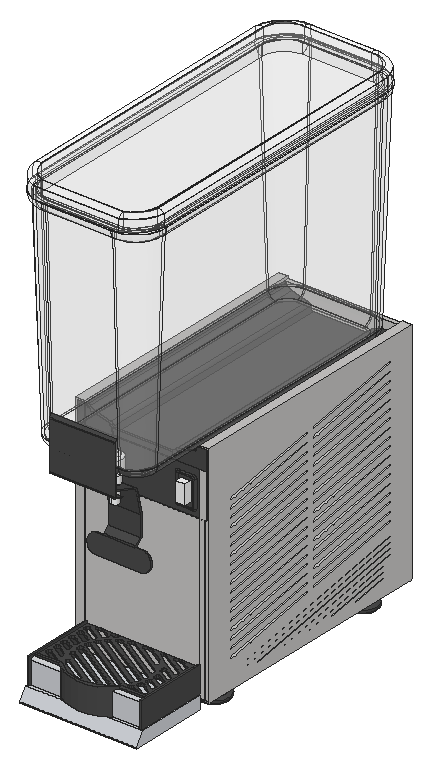
Revit family "QF_Vollrath-VBBE1-37T", category Specialty Equipment, Revit 2018 (continued)
Forms (in)
  Extrusion 22, solid, material "QF_Finishes-Stainless"
    sketch origin (0, 0, 0) x (0, 1, 0) y (0, 0, -1)
      loop
        line (9.30129, -8.97508) -> (9.32185, -8.85849)
      loop
        line (3.58682, -7.84725) -> (-1.76463, -6.90364) -> (-1.78519, -7.02023)
        arc (-1.78519, -7.02023) -> (-1.75541, -7.04377) -> (-1.71961, -7.05641) r 0.11572
        line (-1.71961, -7.05641) -> (3.49226, -7.9754)
        arc (3.49226, -7.9754) -> (3.53022, -7.97577) -> (3.56626, -7.96384) r 0.11572
        line (3.56626, -7.96384) -> (3.58682, -7.84725)
      loop
        line (9.32185, -9.32192) -> (3.9704, -8.37831) -> (3.94984, -8.4949)
        arc (3.94984, -8.4949) -> (3.97963, -8.51844) -> (4.01542, -8.53107) r 0.11572
        line (4.01542, -8.53107) -> (9.22729, -9.45007)
        arc (9.22729, -9.45007) -> (9.26526, -9.45044) -> (9.30129, -9.4385) r 0.11572
        line (9.30129, -9.4385) -> (9.32185, -9.32192)
      loop
        line (3.58682, -8.31068) -> (-1.76463, -7.36707) -> (-1.78519, -7.48366)
        arc (-1.78519, -7.48366) -> (-1.75541, -7.5072) -> (-1.71961, -7.51983) r 0.11572
        line (-1.71961, -7.51983) -> (3.49226, -8.43883)
        arc (3.49226, -8.43883) -> (3.53022, -8.4392) -> (3.56626, -8.42726) r 0.11572
        line (3.56626, -8.42726) -> (3.58682, -8.31068)
      loop
        line (9.32185, -9.78534) -> (3.9704, -8.84174) -> (3.94984, -8.95832)
        arc (3.94984, -8.95832) -> (3.97963, -8.98186) -> (4.01542, -8.9945) r 0.11572
        line (4.01542, -8.9945) -> (9.22729, -9.91349)
        arc (9.22729, -9.91349) -> (9.26526, -9.91386) -> (9.30129, -9.90193) r 0.11572
        line (9.30129, -9.90193) -> (9.32185, -9.78534)
      loop
        line (3.58682, -8.7741) -> (-1.76463, -7.8305) -> (-1.78519, -7.94708)
        arc (-1.78519, -7.94708) -> (-1.75541, -7.97062) -> (-1.71961, -7.98326) r 0.11572
        line (-1.71961, -7.98326) -> (3.49226, -8.90225)
        arc (3.49226, -8.90225) -> (3.53022, -8.90262) -> (3.56626, -8.89069) r 0.11572
        line (3.56626, -8.89069) -> (3.58682, -8.7741)
      loop
        line (9.32185, -10.24877) -> (3.9704, -9.30516) -> (3.94984, -9.42175)
        arc (3.94984, -9.42175) -> (3.97963, -9.44529) -> (4.01542, -9.45792) r 0.11572
        line (4.01542, -9.45792) -> (9.22729, -10.37692)
        arc (9.22729, -10.37692) -> (9.26526, -10.37729) -> (9.30129, -10.36535) r 0.11572
        line (9.30129, -10.36535) -> (9.32185, -10.24877)
      loop
        line (3.58682, -9.23753) -> (-1.76463, -8.29392) -> (-1.78519, -8.41051)
        arc (-1.78519, -8.41051) -> (-1.75541, -8.43405) -> (-1.71961, -8.44668) r 0.11572
        line (-1.71961, -8.44668) -> (3.49226, -9.36568)
        arc (3.49226, -9.36568) -> (3.53022, -9.36605) -> (3.56626, -9.35411) r 0.11572
        line (3.56626, -9.35411) -> (3.58682, -9.23753)
      loop
        line (9.32185, -10.71219) -> (3.9704, -9.76859) -> (3.94984, -9.88517)
        arc (3.94984, -9.88517) -> (3.97963, -9.90871) -> (4.01542, -9.92135) r 0.11572
        line (4.01542, -9.92135) -> (9.22729, -10.84034)
        arc (9.22729, -10.84034) -> (9.26526, -10.84071) -> (9.30129, -10.82878) r 0.11572
        line (9.30129, -10.82878) -> (9.32185, -10.71219)
      loop
        line (3.58682, -9.70095) -> (-1.76463, -8.75735) -> (-1.78519, -8.87393)
        arc (-1.78519, -8.87393) -> (-1.75541, -8.89747) -> (-1.71961, -8.91011) r 0.11572
        line (-1.71961, -8.91011) -> (3.49226, -9.8291)
        arc (3.49226, -9.8291) -> (3.53022, -9.82947) -> (3.56626, -9.81754) r 0.11572
        line (3.56626, -9.81754) -> (3.58682, -9.70095)
      loop
        line (9.32185, -11.17562) -> (3.9704, -10.23201) -> (3.94984, -10.3486)
        arc (3.94984, -10.3486) -> (3.97963, -10.37214) -> (4.01542, -10.38477) r 0.11572
        line (4.01542, -10.38477) -> (9.22729, -11.30377)
        arc (9.22729, -11.30377) -> (9.26526, -11.30414) -> (9.30129, -11.2922) r 0.11572
        line (9.30129, -11.2922) -> (9.32185, -11.17562)
      loop
        line (3.58682, -10.16438) -> (-1.76463, -9.22077) -> (-1.78519, -9.33736)
        arc (-1.78519, -9.33736) -> (-1.75541, -9.3609) -> (-1.71961, -9.37353) r 0.11572
        line (-1.71961, -9.37353) -> (3.49226, -10.29253)
        arc (3.49226, -10.29253) -> (3.53022, -10.2929) -> (3.56626, -10.28096) r 0.11572
        line (3.56626, -10.28096) -> (3.58682, -10.16438)
      loop
        line (9.32185, -11.63904) -> (3.9704, -10.69544) -> (3.94984, -10.81202)
        arc (3.94984, -10.81202) -> (3.97963, -10.83556) -> (4.01542, -10.8482) r 0.11572
        line (4.01542, -10.8482) -> (9.22729, -11.76719)
        arc (9.22729, -11.76719) -> (9.26526, -11.76756) -> (9.30129, -11.75563) r 0.11572
        line (9.30129, -11.75563) -> (9.32185, -11.63904)
      loop
        line (3.58682, -10.6278) -> (-1.76463, -9.6842) -> (-1.78519, -9.80078)
        arc (-1.78519, -9.80078) -> (-1.75541, -9.82432) -> (-1.71961, -9.83696) r 0.11572
        line (-1.71961, -9.83696) -> (3.49226, -10.75595)
        arc (3.49226, -10.75595) -> (3.53022, -10.75632) -> (3.56626, -10.74439) r 0.11572
        line (3.56626, -10.74439) -> (3.58682, -10.6278)
      loop
        line (9.32185, -12.10307) -> (3.9704, -11.15947) -> (3.94984, -11.27605)
        arc (3.94984, -11.27605) -> (3.97963, -11.29959) -> (4.01542, -11.31223) r 0.11572
        line (4.01542, -11.31223) -> (9.22729, -12.23122)
        arc (9.22729, -12.23122) -> (9.26526, -12.23159) -> (9.30129, -12.21966) r 0.11572
        line (9.30129, -12.21966) -> (9.32185, -12.10307)
      loop
        line (3.58682, -11.09183) -> (-1.76463, -10.14822) -> (-1.78519, -10.26481)
        arc (-1.78519, -10.26481) -> (-1.75541, -10.28835) -> (-1.71961, -10.30099) r 0.11572
        line (-1.71961, -10.30099) -> (3.49226, -11.21998)
        arc (3.49226, -11.21998) -> (3.53022, -11.22035) -> (3.56626, -11.20842) r 0.11572
        line (3.56626, -11.20842) -> (3.58682, -11.09183)
    from -3.6675 to -3.17717
  Extrusion 23, solid
    sketch origin (0, 0, 0) x (0, 1, 0) y (0, 0, 1)
      loop
        line (-3.39961, 1.03543) -> (-7.3563, 1.03543) -> (-7.75, 0.3937) -> (-7.75, 0.35433) -> (-3.39961, 0.35433) -> (-3.39961, 1.03543)
    from -3.17717 to 3.27868
  Extrusion 24, solid
    sketch origin (0, 0, 0) x (0, 1, 0) y (0, 0, 1)
      loop
        arc (-6.9626, 2.40157) -> (-7.08882, 2.37471) -> (-7.18008, 2.28346) r 0.22732
        line (-7.18008, 2.28346) -> (-7.18008, 1.03543) -> (-6.9626, 1.03543) -> (-6.9626, 2.40157)
    from -3.05071 to -1.36292
  Extrusion 25, solid, material "QF_Finishes-Black Plastic"
    sketch origin (0, 0, 0) x (1, 0, 0) y (0, 1, 0)
      loop
        line (-3.05071, -6.8248) -> (-1.68325, -6.8248)
        arc (-1.68325, -6.8248) -> (-1.60014, -6.84139) -> (-1.52977, -6.88862) r 0.21647
        arc (-1.52977, -6.88862) -> (0.02, -7.53304) -> (1.56978, -6.88862) r 2.18576
        arc (1.56978, -6.88862) -> (1.64015, -6.84139) -> (1.72326, -6.8248) r 0.21647
        line (1.72326, -6.8248) -> (3.09102, -6.8248) -> (3.09102, -3.19488) -> (-3.05071, -3.19488) -> (-3.05071, -6.8248)
      loop
        line (1.99999, -5.31469) -> (-0.85274, -3.56972)
        arc (-0.85274, -3.56972) -> (-0.90143, -3.55568) -> (-0.95047, -3.56848) r 0.09564
        line (-0.95047, -3.56848) -> (-1.05079, -3.62641)
        arc (-1.05079, -3.62641) -> (-1.09797, -3.71056) -> (-1.05079, -3.79471) r 0.09865
        line (-1.05079, -3.79471) -> (1.89113, -5.59424)
        arc (1.89113, -5.59424) -> (1.98696, -5.59808) -> (2.04057, -5.51856) r 0.09843
        line (2.04057, -5.51856) -> (2.04706, -5.40253)
        arc (2.04706, -5.40253) -> (2.03544, -5.35223) -> (1.99999, -5.31469) r 0.09857
      loop
        line (1.92869, -5.80182) -> (-1.25519, -3.85429)
        arc (-1.25519, -3.85429) -> (-1.31546, -3.84407) -> (-1.37003, -3.87162) r 0.09782
        line (-1.37003, -3.87162) -> (-1.44371, -3.9453)
        arc (-1.44371, -3.9453) -> (-1.47148, -4.02385) -> (-1.42783, -4.09482) r 0.09665
        line (-1.42783, -4.09482) -> (1.79158, -6.06408)
        arc (1.79158, -6.06408) -> (1.8762, -6.07294) -> (1.93593, -6.01235) r 0.09812
        line (1.93593, -6.01235) -> (1.96819, -5.91075)
        arc (1.96819, -5.91075) -> (1.96695, -5.84957) -> (1.92869, -5.80182) r 0.09507
      loop
        line (1.74837, -6.22226) -> (-1.54753, -4.20621)
        arc (-1.54753, -4.20621) -> (-1.61887, -4.19636) -> (-1.67693, -4.23897) r 0.09584
        line (-1.67693, -4.23897) -> (-1.73108, -4.32679)
        arc (-1.73108, -4.32679) -> (-1.743, -4.39877) -> (-1.70104, -4.45845) r 0.09631
        line (-1.70104, -4.45845) -> (1.59739, -6.47604)
        arc (1.59739, -6.47604) -> (1.66914, -6.48577) -> (1.72723, -6.44255) r 0.09587
        line (1.72723, -6.44255) -> (1.78078, -6.35401)
        arc (1.78078, -6.35401) -> (1.79129, -6.28157) -> (1.74837, -6.22226) r 0.09741
      loop
        line (1.48132, -6.58966) -> (-1.74811, -4.61427)
        arc (-1.74811, -4.61427) -> (-1.83177, -4.60731) -> (-1.88979, -4.66798) r 0.09744
        line (-1.88979, -4.66798) -> (-1.92257, -4.76761)
        arc (-1.92257, -4.76761) -> (-1.92194, -4.82904) -> (-1.88395, -4.87732) r 0.0953
        line (-1.88395, -4.87732) -> (1.30511, -6.82801)
        arc (1.30511, -6.82801) -> (1.36581, -6.8405) -> (1.42146, -6.81321) r 0.09579
        line (1.42146, -6.81321) -> (1.49519, -6.73948)
        arc (1.49519, -6.73948) -> (1.52341, -6.66132) -> (1.48132, -6.58966) r 0.09779
      loop
        line (1.10757, -6.89177) -> (-1.84914, -5.0832)
        arc (-1.84914, -5.0832) -> (-1.94458, -5.07917) -> (-1.99846, -5.15805) r 0.0984
        line (-1.99846, -5.15805) -> (-2.00593, -5.27264)
        arc (-2.00593, -5.27264) -> (-1.99506, -5.32396) -> (-1.95906, -5.3621) r 0.09696
        line (-1.95906, -5.3621) -> (0.91264, -7.11867)
        arc (0.91264, -7.11867) -> (0.96072, -7.13194) -> (1.0088, -7.11867) r 0.09375
        line (1.0088, -7.11867) -> (1.10757, -7.05966)
        arc (1.10757, -7.05966) -> (1.15463, -6.97572) -> (1.10757, -6.89177) r 0.0984
      loop
        line (0.60863, -7.11732) -> (-1.82264, -5.63015)
        arc (-1.82264, -5.63015) -> (-1.92999, -5.63329) -> (-1.97033, -5.73281) r 0.09825
        line (-1.97033, -5.73281) -> (-1.93774, -5.87396)
        arc (-1.93774, -5.87396) -> (-1.92175, -5.90738) -> (-1.89442, -5.93238) r 0.09714
        line (-1.89442, -5.93238) -> (0.37225, -7.31886)
        arc (0.37225, -7.31886) -> (0.40695, -7.33252) -> (0.44421, -7.33107) r 0.09073
        line (0.44421, -7.33107) -> (0.58467, -7.29582)
        arc (0.58467, -7.29582) -> (0.65482, -7.21438) -> (0.60863, -7.11732) r 0.09843
      loop
        line (-0.15644, -7.18008) -> (-1.53008, -6.33984)
        arc (-1.53008, -6.33984) -> (-1.65245, -6.35562) -> (-1.66332, -6.47852) r 0.09845
        line (-1.66332, -6.47852) -> (-1.474, -6.72028) -> (-0.52036, -7.30361) -> (-0.21942, -7.36177)
        arc (-0.21942, -7.36177) -> (-0.1148, -7.29628) -> (-0.15644, -7.18008) r 0.09842
      loop
        line (1.92796, -4.73989) -> (-0.30697, -3.37282)
        arc (-0.30697, -3.37282) -> (-0.34079, -3.3598) -> (-0.37704, -3.35963) r 0.10043
        line (-0.37704, -3.35963) -> (-0.52004, -3.39377)
        arc (-0.52004, -3.39377) -> (-0.59167, -3.47506) -> (-0.54547, -3.57306) r 0.09865
        line (-0.54547, -3.57306) -> (1.85831, -5.04342)
        arc (1.85831, -5.04342) -> (1.96624, -5.03999) -> (2.00606, -4.93962) r 0.09842
        line (2.00606, -4.93962) -> (1.97137, -4.79716)
        arc (1.97137, -4.79716) -> (1.95507, -4.76442) -> (1.92796, -4.73989) r 0.09857
      loop
        line (1.46531, -3.92615) -> (0.62845, -3.41426)
        arc (0.62845, -3.41426) -> (0.46776, -3.37153) -> (0.30428, -3.34114) r 2.18615
        arc (0.30428, -3.34114) -> (0.19761, -3.4051) -> (0.23921, -3.5223) r 0.09818
        line (0.23921, -3.5223) -> (1.54679, -4.32213)
        arc (1.54679, -4.32213) -> (1.66978, -4.30502) -> (1.67799, -4.18113) r 0.09835
        arc (1.67799, -4.18113) -> (1.57664, -4.04948) -> (1.46531, -3.92615) r 2.12561
      loop
        line (2.83911, -4.23574) -> (1.36588, -3.33459)
        arc (1.36588, -3.33459) -> (1.34175, -3.32427) -> (1.31572, -3.32087) r 0.09593
        arc (1.31572, -3.32087) -> (1.27881, -3.321) -> (1.2419, -3.32087) r 5.03614
        arc (1.2419, -3.32087) -> (1.14687, -3.39171) -> (1.18925, -3.5024) r 0.0982
        arc (1.18925, -3.5024) -> (1.38493, -3.6409) -> (1.56306, -3.80134) r 2.04444
        line (1.56306, -3.80134) -> (2.73642, -4.51906)
        arc (2.73642, -4.51906) -> (2.8353, -4.51983) -> (2.88433, -4.43395) r 0.09782
        arc (2.88433, -4.43395) -> (2.88401, -4.37627) -> (2.88433, -4.31858) r 5.14481
        arc (2.88433, -4.31858) -> (2.87254, -4.27125) -> (2.83911, -4.23574) r 0.0965
      loop
        line (2.83639, -3.70334) -> (2.23231, -3.33383)
        arc (2.23231, -3.33383) -> (2.21027, -3.32439) -> (2.18655, -3.32087) r 0.09339
        line (2.18655, -3.32087) -> (1.99477, -3.32087)
        arc (1.99477, -3.32087) -> (1.89988, -3.39257) -> (1.94341, -3.50325) r 0.09837
        line (1.94341, -3.50325) -> (2.73528, -3.98763)
        arc (2.73528, -3.98763) -> (2.83413, -3.98931) -> (2.88433, -3.90415) r 0.09818
        arc (2.88433, -3.90415) -> (2.88448, -3.84599) -> (2.88433, -3.78784) r 11.3571
        arc (2.88433, -3.78784) -> (2.87139, -3.73933) -> (2.83639, -3.70334) r 0.09933
      loop
        arc (-2.69423, -5.62775) -> (-2.79372, -5.62586) -> (-2.84402, -5.71171) r 0.09843
        line (-2.84402, -5.71171) -> (-2.84402, -5.82709)
        arc (-2.84402, -5.82709) -> (-2.83145, -5.87522) -> (-2.79695, -5.91106) r 0.09843
        line (-2.79695, -5.91106) -> (-2.13741, -6.31449)
        arc (-2.13741, -6.31449) -> (-2.02317, -6.30683) -> (-1.99384, -6.19615) r 0.09819
        line (-1.99384, -6.19615) -> (-2.04986, -6.04886)
        arc (-2.04986, -6.04886) -> (-2.066, -6.01898) -> (-2.09144, -5.99647) r 0.09728
        line (-2.09144, -5.99647) -> (-2.69423, -5.62775)
      loop
        arc (-2.69423, -5.09701) -> (-2.79372, -5.09512) -> (-2.84402, -5.18097) r 0.09843
        line (-2.84402, -5.18097) -> (-2.84402, -5.29635)
        arc (-2.84402, -5.29635) -> (-2.83145, -5.34448) -> (-2.79695, -5.38032) r 0.09843
        line (-2.79695, -5.38032) -> (-2.30078, -5.68381)
        arc (-2.30078, -5.68381) -> (-2.19664, -5.68292) -> (-2.1516, -5.58901) r 0.09843
        line (-2.1516, -5.58901) -> (-2.16128, -5.47226)
        arc (-2.16128, -5.47226) -> (-2.17523, -5.42752) -> (-2.20826, -5.39428) r 0.09865
        line (-2.20826, -5.39428) -> (-2.69423, -5.09701)
      loop
        arc (-2.69423, -4.56627) -> (-2.79372, -4.56438) -> (-2.84402, -4.65023) r 0.09843
        line (-2.84402, -4.65023) -> (-2.84402, -4.76561)
        arc (-2.84402, -4.76561) -> (-2.83145, -4.81374) -> (-2.79695, -4.84958) r 0.09843
        line (-2.79695, -4.84958) -> (-2.29775, -5.15493)
        arc (-2.29775, -5.15493) -> (-2.20358, -5.15958) -> (-2.14873, -5.0829) r 0.09839
        line (-2.14873, -5.0829) -> (-2.13391, -4.98165)
        arc (-2.13391, -4.98165) -> (-2.14196, -4.92467) -> (-2.17954, -4.8811) r 0.10209
        line (-2.17954, -4.8811) -> (-2.69423, -4.56627)
      loop
        arc (-2.69423, -4.03555) -> (-2.79372, -4.03365) -> (-2.84402, -4.11951) r 0.09843
        line (-2.84402, -4.11951) -> (-2.84402, -4.23489)
        arc (-2.84402, -4.23489) -> (-2.83145, -4.28301) -> (-2.79695, -4.31885) r 0.09843
        line (-2.79695, -4.31885) -> (-2.19054, -4.68978)
        arc (-2.19054, -4.68978) -> (-2.10586, -4.69843) -> (-2.0461, -4.63781) r 0.09843
        line (-2.0461, -4.63781) -> (-2.01311, -4.5476)
        arc (-2.01311, -4.5476) -> (-2.01108, -4.48046) -> (-2.05286, -4.42787) r 0.09777
        line (-2.05286, -4.42787) -> (-2.69423, -4.03555)
      loop
        arc (-2.69423, -3.50479) -> (-2.79372, -3.5029) -> (-2.84402, -3.58875) r 0.09843
        line (-2.84402, -3.58875) -> (-2.84402, -3.70413)
        arc (-2.84402, -3.70413) -> (-2.83145, -3.75226) -> (-2.79695, -3.78809) r 0.09843
        line (-2.79695, -3.78809) -> (-2.00078, -4.2751)
        arc (-2.00078, -4.2751) -> (-1.92526, -4.28682) -> (-1.86377, -4.24142) r 0.09931
        line (-1.86377, -4.24142) -> (-1.8143, -4.16136)
        arc (-1.8143, -4.16136) -> (-1.80095, -4.08604) -> (-1.84557, -4.0239) r 0.09843
        line (-1.84557, -4.0239) -> (-2.69423, -3.50479)
      loop
        arc (-2.69423, -6.15849) -> (-2.79372, -6.1566) -> (-2.84402, -6.24246) r 0.09843
        line (-2.84402, -6.24246) -> (-2.84402, -6.35783)
        arc (-2.84402, -6.35783) -> (-2.83145, -6.40596) -> (-2.79695, -6.4418) r 0.09843
        line (-2.79695, -6.4418) -> (-2.18491, -6.81617) -> (-1.91188, -6.81617)
        arc (-1.91188, -6.81617) -> (-1.85587, -6.7319) -> (-1.9031, -6.64241) r 0.09904
        line (-1.9031, -6.64241) -> (-2.69423, -6.15849)
      loop
        line (-2.39494, -3.50325) -> (-1.73202, -3.90876)
        arc (-1.73202, -3.90876) -> (-1.66637, -3.92218) -> (-1.60735, -3.89047) r 0.09841
        line (-1.60735, -3.89047) -> (-1.54093, -3.82001)
        arc (-1.54093, -3.82001) -> (-1.51481, -3.73924) -> (-1.5609, -3.66795) r 0.09896
        line (-1.5609, -3.66795) -> (-2.18752, -3.28465)
        arc (-2.18752, -3.28465) -> (-2.235, -3.26983) -> (-2.28367, -3.28012) r 0.09843
        line (-2.28367, -3.28012) -> (-2.38686, -3.33173)
        arc (-2.38686, -3.33173) -> (-2.44114, -3.41512) -> (-2.39494, -3.50325) r 0.09843
      loop
        arc (-1.47591, -3.32087) -> (-1.57065, -3.39261) -> (-1.52727, -3.50325) r 0.09843
        line (-1.52727, -3.50325) -> (-1.3826, -3.59175)
        arc (-1.3826, -3.59175) -> (-1.32707, -3.60613) -> (-1.27295, -3.58713) r 0.09847
        line (-1.27295, -3.58713) -> (-1.18803, -3.52827)
        arc (-1.18803, -3.52827) -> (-1.14526, -3.44427) -> (-1.19182, -3.36231) r 0.09944
        line (-1.19182, -3.36231) -> (-1.23593, -3.33533)
        arc (-1.23593, -3.33533) -> (-1.26061, -3.32455) -> (-1.28729, -3.32087) r 0.09843
        line (-1.28729, -3.32087) -> (-1.47591, -3.32087)
      loop
        arc (2.16593, -4.35471) -> (2.05008, -4.36433) -> (2.02423, -4.47767) r 0.09841
        line (2.02423, -4.47767) -> (2.08147, -4.62318)
        arc (2.08147, -4.62318) -> (2.09769, -4.65241) -> (2.12281, -4.67447) r 0.09781
        line (2.12281, -4.67447) -> (2.73454, -5.04866)
        arc (2.73454, -5.04866) -> (2.83403, -5.05055) -> (2.88433, -4.9647) r 0.09843
        line (2.88433, -4.9647) -> (2.88433, -4.84932)
        arc (2.88433, -4.84932) -> (2.87176, -4.80119) -> (2.83726, -4.76535) r 0.09843
        line (2.83726, -4.76535) -> (2.16593, -4.35471)
      loop
        arc (2.33855, -4.99104) -> (2.23397, -4.99219) -> (2.18943, -5.08682) r 0.09845
        line (2.18943, -5.08682) -> (2.20051, -5.20384)
        arc (2.20051, -5.20384) -> (2.21442, -5.2483) -> (2.24726, -5.28133) r 0.09819
        line (2.24726, -5.28133) -> (2.73454, -5.5794)
        arc (2.73454, -5.5794) -> (2.83403, -5.58129) -> (2.88433, -5.49544) r 0.09843
        line (2.88433, -5.49544) -> (2.88433, -5.38006)
        arc (2.88433, -5.38006) -> (2.87176, -5.33193) -> (2.83726, -5.29609) r 0.09843
        line (2.83726, -5.29609) -> (2.33855, -4.99104)
      loop
        arc (2.34021, -5.5228) -> (2.24688, -5.51781) -> (2.19158, -5.59315) r 0.09828
        line (2.19158, -5.59315) -> (2.17713, -5.69751)
        arc (2.17713, -5.69751) -> (2.18485, -5.75432) -> (2.22293, -5.79719) r 0.09843
        line (2.22293, -5.79719) -> (2.73454, -6.11014)
        arc (2.73454, -6.11014) -> (2.83403, -6.11203) -> (2.88433, -6.02618) r 0.09843
        line (2.88433, -6.02618) -> (2.88433, -5.9108)
        arc (2.88433, -5.9108) -> (2.87176, -5.86267) -> (2.83726, -5.82683) r 0.09843
        line (2.83726, -5.82683) -> (2.34021, -5.5228)
      loop
        arc (2.2366, -5.99016) -> (2.15157, -5.98163) -> (2.09192, -6.04283) r 0.09842
        line (2.09192, -6.04283) -> (2.05934, -6.13333)
        arc (2.05934, -6.13333) -> (2.05873, -6.20007) -> (2.09985, -6.25265) r 0.1011
        line (2.09985, -6.25265) -> (2.73454, -6.64088)
        arc (2.73454, -6.64088) -> (2.83403, -6.64277) -> (2.88433, -6.55692) r 0.09843
        line (2.88433, -6.55692) -> (2.88433, -6.44154)
        arc (2.88433, -6.44154) -> (2.87176, -6.39341) -> (2.83726, -6.35758) r 0.09843
        line (2.83726, -6.35758) -> (2.2366, -5.99016)
      loop
        arc (2.04906, -6.40618) -> (1.97544, -6.39427) -> (1.91458, -6.43738) r 0.09845
        line (1.91458, -6.43738) -> (1.86362, -6.52146)
        arc (1.86362, -6.52146) -> (1.85022, -6.5966) -> (1.89492, -6.65847) r 0.09775
        line (1.89492, -6.65847) -> (2.15566, -6.81617) -> (2.42228, -6.81617)
        arc (2.42228, -6.81617) -> (2.48182, -6.73326) -> (2.43526, -6.64241) r 0.09794
        line (2.43526, -6.64241) -> (2.04906, -6.40618)
    from 2.28346 to 2.40157
  Sweep 26, solid, material "QF_Finishes-Black Plastic"
    path origin (0, 0, 0) x (1, 0, 0) y (0, 0, 1)
      loop
        arc (-2.90354, 10.17079) -> (-2.88625, 10.12903) -> (-2.84449, 10.11173) r 0.05906
        line (-2.84449, 10.11173) -> (-1.99803, 10.11173)
        arc (-1.99803, 10.11173) -> (-1.95627, 10.12903) -> (-1.93898, 10.17079) r 0.05906
        line (-1.93898, 10.17079) -> (-1.93898, 11.63929)
        arc (-1.93898, 11.63929) -> (-1.95627, 11.68105) -> (-1.99803, 11.69835) r 0.05906
        line (-1.99803, 11.69835) -> (-2.84449, 11.69835)
        arc (-2.84449, 11.69835) -> (-2.88625, 11.68105) -> (-2.90354, 11.63929) r 0.05906
        line (-2.90354, 11.63929) -> (-2.90354, 10.17079)
    profile origin (-2.90354, 0, 10.90504) x (-1, 0, 0) y (0, -1, 0)
      loop
        arc (0.09489, 3.27803) -> (0.04169, 3.30166) -> (0.01972, 3.35557) r 0.0779
        arc (0.01972, 3.35557) -> (0.01127, 3.3726) -> (-0.00738, 3.37633) r 0.02157
        line (-0.00738, 3.37633) -> (-0.00738, 3.27803) -> (0.09489, 3.27803)
  Sweep 27, solid, material "QF_Finishes-Black Plastic"
    path origin (0, 0, 0) x (-1, 0, 0) y (0, 0, 1)
      loop
        arc (-2.90354, 10.17079) -> (-2.88625, 10.12903) -> (-2.84449, 10.11173) r 0.05906
        line (-2.84449, 10.11173) -> (-1.99803, 10.11173)
        arc (-1.99803, 10.11173) -> (-1.95627, 10.12903) -> (-1.93898, 10.17079) r 0.05906
        line (-1.93898, 10.17079) -> (-1.93898, 11.63929)
        arc (-1.93898, 11.63929) -> (-1.95627, 11.68105) -> (-1.99803, 11.69835) r 0.05906
        line (-1.99803, 11.69835) -> (-2.84449, 11.69835)
        arc (-2.84449, 11.69835) -> (-2.88625, 11.68105) -> (-2.90354, 11.63929) r 0.05906
        line (-2.90354, 11.63929) -> (-2.90354, 10.17079)
    profile origin (2.90354, 0, 10.90504) x (-1, 0, 0) y (0, -1, 0)
      loop
        line (-0.09489, 3.27803) -> (0.00738, 3.27803) -> (0.00738, 3.37633)
        arc (0.00738, 3.37633) -> (-0.01127, 3.3726) -> (-0.01972, 3.35557) r 0.02157
        arc (-0.01972, 3.35557) -> (-0.04169, 3.30166) -> (-0.09489, 3.27803) r 0.0779
  Extrusion 28, solid, material "QF_Finishes-White Rubber"
    sketch origin (0, 0, 0) x (1, 0, 0) y (0, 0, 1)
      loop
        line (-2.66535, 10.3637) -> (-2.17717, 10.3637) -> (-2.17717, 11.44638) -> (-2.66535, 11.44638) -> (-2.66535, 10.3637)
    from 3.27362 to 3.65598
  Extrusion 29, solid, material "QF_Finishes-White Rubber"
    sketch origin (0, 0, 0) x (-1, 0, 0) y (0, 0, -1)
      loop
        line (-2.66535, -10.3637) -> (-2.66535, -11.44638) -> (-2.17717, -11.44638) -> (-2.17717, -10.3637) -> (-2.66535, -10.3637)
    from 3.27362 to 3.65598
  Extrusion 30, solid
    sketch origin (0, 0, 0) x (0, 1, 0) y (0, 0, -1)
      loop
        line (-6.9626, -2.40157) -> (-6.9626, -1.03543) -> (-7.18008, -1.03543) -> (-7.18008, -2.28346)
        arc (-7.18008, -2.28346) -> (-7.08882, -2.37471) -> (-6.9626, -2.40157) r 0.22732
    from -3.09102 to -1.40314
  Extrusion 31, solid, material "QF_Finishes-Clear Plastic"
    sketch origin (0, 0, 0) x (1, 0, 0) y (0, 1, 0)
      loop
        line (-2.51928, 9.1346) -> (-2.51928, -6.00035)
        arc (-2.51928, -6.00035) -> (-2.32251, -6.47538) -> (-1.84748, -6.67215) r 0.6718
        line (-1.84748, -6.67215) -> (1.84782, -6.67215)
        arc (1.84782, -6.67215) -> (2.32464, -6.47464) -> (2.52215, -5.99781) r 0.67433
        line (2.52215, -5.99781) -> (2.52215, 9.13206)
        arc (2.52215, 9.13206) -> (2.32464, 9.60889) -> (1.84782, 9.8064) r 0.67433
        line (1.84782, 9.8064) -> (-1.84748, 9.8064)
        arc (-1.84748, 9.8064) -> (-2.32251, 9.60963) -> (-2.51928, 9.1346) r 0.6718
    from 12.90709 to 13.05386
Lines and regions (in)
  symbolic lines, style "Clearance - Code Mandatory"
    curve 1: line (-9.675, 16.875, 0) -> (-9.675, -7.75, 0)
    curve 2: line (9.64375, 16.875, 0) -> (-9.675, 16.875, 0)
    curve 3: line (9.64375, -7.75, 0) -> (9.64375, 16.875, 0)
    curve 4: line (-9.675, -7.75, 0) -> (-3.6675, -7.75, 0)
    curve 5: line (3.645, -7.75, 0) -> (9.64375, -7.75, 0)
    curve 6: line (3.645, 10.7576, 0) -> (3.645, -7.75, 0)
    curve 7: line (-3.6675, 10.7576, 0) -> (3.645, 10.7576, 0)
    curve 15: line (-3.6675, -7.75, 0) -> (-3.6675, 10.7576, 0)
  symbolic lines
    curve 8: line (2.34777, -7.83246, 0) -> (-2.34777, -7.83246, 0)
    curve 9: line (-3.64613, 9.15453, 0) -> (-3.64613, -6.25655, 0)
    curve 10: arc (-2.34777, -7.83246, 0) -> (-3.20596, -7.2167, 0) -> (-3.64613, -6.25655, 0) r 2.05985
    curve 11: line (2.34777, -7.83246, 0) -> (-2.34777, -7.83246, 0)
    curve 12: line (3.645, 9.16153, 0) -> (3.645, -6.26307, 0)
    curve 13: arc (2.34777, -7.83246, 0) -> (3.20386, -7.21925, 0) -> (3.645, -6.26307, 0) r 2.05985
    curve 14: line (-2.34777, -7.83246, 0) -> (2.34777, -7.83246, 0)
    curve 16: line (1.85697, 10.73698, 0) -> (-1.85697, 10.73698, 0)
    curve 17: arc (-3.64613, 9.15453, 0) -> (-3.03503, 10.26626, 0) -> (-1.85697, 10.73698, 0) r 1.88065
    curve 18: arc (3.645, 9.16153, 0) -> (3.03237, 10.26861, 0) -> (1.85697, 10.73698, 0) r 1.88065
  reference lines
    curve 19: line (1.395, 4.75781, 0) -> (7.145, 4.75781, 0)
    curve 20: line (-2.645, -9.32132, 0) -> (-2.645, 11.67868, 0)
Dimensions and locks (in)
  plane 5 "Left" to plane 4 "Right" = 7 5/16"
  plane 7 "Front" to plane 6 "Rear" = 18.5076"
  plane 8 "Top" to plane 2 = 26 13/32"
  aligned and locked: plane 2 to level
  aligned and locked: plane 5 "Left" to Extrusion 3
  aligned and locked: plane 9 "Base Cabinet Front" to Extrusion 5
  aligned and locked: Extrusion 6 sketch curve to plane 5 "Left"
  aligned and locked: plane 6 "Rear" to Extrusion 6
  aligned and locked: plane 9 "Base Cabinet Front" to Extrusion 17
  aligned and locked: Extrusion 14 to Extrusion 12
  aligned and locked: plane 6 "Rear" to Extrusion 17
  aligned and locked: curve 3 to Extrusion 20
  aligned and locked: plane 15 "Clearance Rear" to Extrusion 20
  aligned and locked: plane 15 "Clearance Rear" to curve 2
  aligned and locked: plane 13 "Clearance Left" to Extrusion 20
  aligned and locked: plane 13 "Clearance Left" to curve 1
  aligned and locked: plane 14 "Clearance Right" to Extrusion 20
  aligned and locked: plane 6 "Rear" to Extrusion 3
  aligned and locked: Extrusion 20 to plane 6 "Rear"
  aligned and locked: Extrusion 18 to plane 4 "Right"
  aligned and locked: Extrusion 19 to plane 5 "Left"
  aligned and locked: plane 8 "Top" to Extrusion 19
  aligned and locked: plane 8 "Top" to Extrusion 20
  aligned and locked: plane 8 "Top" to Extrusion 18
  aligned and locked: Extrusion 28 to plane 9 "Base Cabinet Front"
  aligned and locked: Extrusion 2 to Sweep 1
  aligned and locked: plane 6 "Rear" to Extrusion 19
  aligned and locked: Extrusion 20 to Extrusion 19
  aligned and locked: plane 6 "Rear" to Extrusion 18
  aligned and locked: plane 14 "Clearance Right" to Extrusion 18
Connectors (in)
  electrical at (-2.645, 4.75781, 0.37402), driven by "Volts"
    settings: index 1, voltage 115 V, apparent load 0 VA, apparent load phase1 0 VA, apparent load phase2 0 VA, apparent load phase3 0 VA, power factor 1, load classification "Other", number of poles 1, system type 31, power factor state 1, is connector primary yes, connector utility no, sub classification motor no, connector description ""
Types (3): name | Model
  (no name) | "VBBE1-37-F"
  VBBE1-37-S | "VBBE1-37-S"
  VBBE1-37-F | "VBBE1-37-F"
